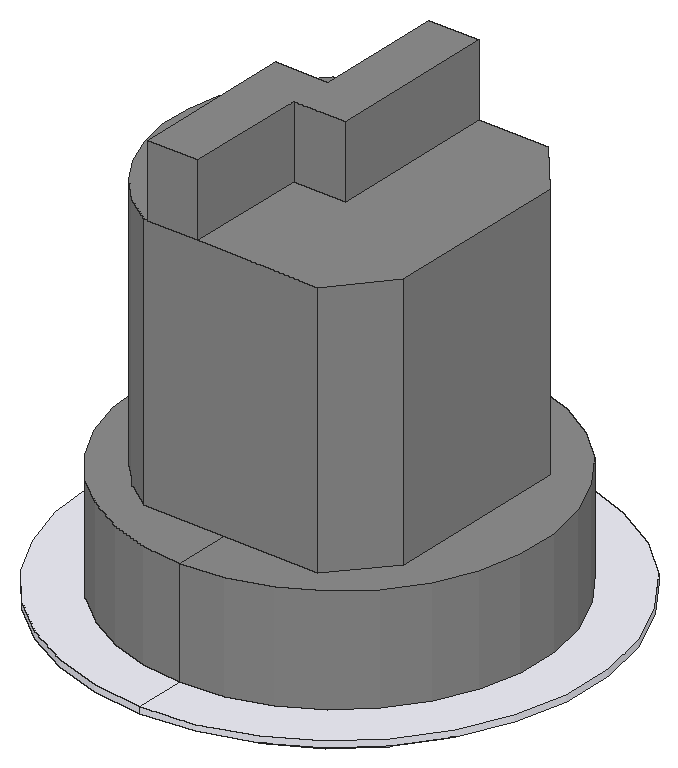
Revit family "PD3 FP types Sans hôte", category Dispositifs d'éclairage, Revit 2019
Family settings
  Conserver l'orientation des annotations = Non
  Cote de connecteur circulaire = Utiliser le diamètre
  Type d'élément = Normal
  Basée sur le plan de construction = Oui
  Toujours verticalement = Oui
  Couper avec des vides une fois chargée = Non
  Partagée = Non
  Point de calcul de pièce = Non
Parameters (values of type "01- PD3 FP Générique")
  Portée frontale [instance] = Position en hauteur * 2.4  # 600 cm
  Portée de biais [instance] = Position en hauteur * 4  # 1000 cm
  Hauteur de montage max préconisée [instance] = Hauteur de montage max  # 300 cm
  Hauteur de montage max = 300 cm
  Activitée assise [instance] = Position en hauteur * 1.6  # 400 cm
  Zone de detection [instance] = no
  URL = "http://www.luxomat.com"
  Type de Sortie = ""
  Température ambiante = "-25°C at +50°C"
  Référence = ""
  Relais = ""
  Position en hauteur [instance] = 250 cm
  Mode de pose = "Faux Plafond"
  Etiquette [instance] = yes
  Modèle = "PD3 FP"
  Marque = "LUXOMAT"
  Image du type = 360°.jpg
  IP = "20 ou 23"
  Fabricant = "B.E.G."
  Default Elevation = 0 cm
  Consommation = ""
  Commentaires du type = "DET.MOUV.360°/Ø10M FAUX PLAFOND"
  Code d'assemblage = "D5010200"
  Classe = "II"
  Charge LED = ""
  Charge Cos ɸ =1 = ""
  Charge Cos ɸ =0.5 = ""
  Zone assise [instance] = Position en hauteur < 300.1 cm  # yes
  Alimentation = "110-240 V AC"
Types (7, lengths in cm): name | Type de Sortie | Référence | Relais | Modèle | IP | Consommation | Commentaires du type | Charge LED | Charge Cos ɸ =1 | Charge Cos ɸ =0.5
  (no name) | "" | "" | "" | "PD3 FP" | "20 ou 23" | "" | "DET.MOUV.360°/Ø10M FAUX PLAFOND" | "" | "" | ""
  01- PD3 FP Générique | "" | "" | "" | "PD3 FP" | "20 ou 23" | "" | "DET.MOUV.360°/Ø10M FAUX PLAFOND" | "" | "" | ""
  04- PD3N 1C MICRO FP réf 92184 | "TOR + Micro" | "92184" | "10 A" | "PD3N 1C MICRO FP" | "23" | "0,25 W" | "DET.MOUV.1 CONTACT + MICRO.360°/Ø10M FAUX PLAFOND" | "300 W" | "2300 W" | "1150 VA"
  02- PD3N 1C FP réf 92196 | "TOR " | "92196" | "10 A" | "PD3N 1C FP" | "23" | "0,25 W" | "DET.MOUV.1 CONTACT.360°/Ø10M FAUX PLAFOND" | "300 W" | "2300 W" | "1150 VA"
  06- PD3 1C FP réf 92197 | "TOR" | "92197" | "8,7 A" | "PD3 1C FP" | "20 option capot IP 23" | "< 1W" | "DET.MOUV.1 CONTACT.360°/Ø10M FAUX PLAFOND NON TELECOMMANDABLE" | "250 W" | "2000 W" | "1000 VA"
  03- PD3N 1C NO FP réf 92576 | "TOR" | "92576" | "10 A" | "PD3N 1C NO FP" | "23" | "0,25 W" | "DET.MOUV.1 CONTACT SEC NO.360°/Ø10M FAUX PLAFOND" | "300 W" | "2300 W" | "1150 VA"
  05- PD3N 2C FP réf 92198 | "TOR + CVC" | "92198" | "10 A / 3 A" | "PD3N 2C FP" | "23" | "0,30 W" | "DET.MOUV.2 CONTACTS.360°/Ø10M FAUX PLAFOND" | "300 W" | "2300 W" | "1150 VA"
Reference planes (cm)
  plane 1 "Centre (avant/arrière)": y = 0
  plane 2: z = 0
  plane 3 "Centre (gauche/droite)": x = 0
Dimensions and locks (cm)
  aligned and locked: level to plane 2
  aligned and locked: plane 3 "Centre (gauche/droite)" to nested 3
  aligned and locked: plane 1 "Centre (avant/arrière)" to nested 3
  aligned and locked: nested 4 to plane 3 "Centre (gauche/droite)"
  aligned and locked: nested 4 to plane 1 "Centre (avant/arrière)"
Nested families (cm)
  nested 1: "Famille4" at (3.75, -61.4506, 0), visible <- "Etiquette", référence <- "Référence", modèle <- "Modèle", type "Famille4"
    with référence "", modèle "PD3 FP"
  nested 2: "Plafond 360° 2D" at (0, 0, 0), type "Plafond 360° 2D"
  nested 3: "M9" at (0, 0, 0), type "Standard"
  nested 4: "zone G" at (0, 0, 0), activité assise <- "Activitée assise", biais <- "Portée de biais", frontal <- "Portée frontale", visible <- "Zone de detection", Zone assise <- "Zone assise", type "zone G"
    with position 2 240 cm, position 1 400 cm, frontal 600 cm, biais 1000 cm, activité assise 400 cm, Zone assise yes
Connectors (cm)
  electrical at (0, 0, 0)
    settings: index 1, voltage 230 V, apparent load 0 VA, apparent load phase1 0 VA, apparent load phase2 0 VA, apparent load phase3 0 VA, power factor 1, load classification "Eclairage", number of poles 1, system type 31, power factor state 1, is connector primary yes, connector utility no, sub classification motor no, connector description ""
Definition of nested family "M9"
  Parameters (values of type "Standard")
    d98 = 0 cm
    d106 = 0 cm
  Reference planes (cm)
    plane 1 "Centre (avant/arrière)": y = 0
    plane 2: z = 0
    plane 3 "Centre (gauche/droite)": x = 0
    plane 4: x = 0
  Forms (cm)
    Revolve 1, solid, not visible
      sketch origin (0, 0, 0) x (0, -1, 0) y (0, 0, 1)
        loop
          line (0, 0) -> (0, 0.6) -> (-2.2, 0.6)
          arc (-2.2, 0.6) -> (-3.1429, 0.5045) -> (-4, 0.1) r 2.8
          line (-4, 0.1) -> (-4, 0) -> (0, 0)
        axis (0, 0.6) -> (0, 0)
      angle from 0 to 360
    Revolve 2, solid, not visible
      sketch origin (0, 0, 0) x (0, -1, 0) y (0, 0, 1)
        loop
          arc (0, 1.5) -> (-1.1885, 1.2663) -> (-2.2, 0.6) r 3.1389
          line (-2.2, 0.6) -> (0, 0.6) -> (0, 1.5)
        axis (0, 0.6) -> (0, 1.5)
      angle from 0 to 360
    Revolve 3, solid, not visible
      sketch origin (0, 0, 0) x (0, -1, 0) y (0, 0, 1)
        loop
          line (0, -1.7) -> (0, 0) -> (-3.2, 0) -> (-3.2, -1.7) -> (0, -1.7)
        axis (0, 0) -> (0, -1.7)
      angle from 0 to 360
    Extrusion 4, solid, not visible
      sketch origin (0, 3.2, -1.7) x (0, 1, 0) y (1, 0, 0)
        loop
          line (-5.5, 1.5) -> (-5.5, -1.3)
          arc (-5.5, -1.3) -> (-3.2, -2.6338) -> (-0.9, -1.3) r 2.65
          line (-0.9, -1.3) -> (-0.9, 1.5) -> (-1.7342, 2.2) -> (-4.6658, 2.2) -> (-5.5, 1.5)
      from 0 to 4.1
    Extrusion 5, solid, not visible
      sketch origin (1.5, -2.3, -5.8) x (-0.766044, 0.642788, 0) y (0.642788, 0.766044, 0)
        loop
          line (2.0775, 0.7666) -> (2.7167, 0.2303) -> (1.4809, -1.2426) -> (2.0937, -1.7568) -> (3.739, 0.204) -> (3.0998, 0.7404) -> (4.4113, 2.3034) -> (3.7985, 2.8176) -> (2.0775, 0.7666)
      from 0 to 1.15
    Revolve 6, solid
      sketch origin (0, 0, 0) x (0, 1, 0) y (0, 0, -1)
        loop
          line (0, 0) -> (4, 0) -> (4, 0.1)
          arc (4, 0.1) -> (3.1429, 0.5045) -> (2.2, 0.6) r 2.8
          line (2.2, 0.6) -> (0, 0.6) -> (0, 0)
        axis (0, 0.6) -> (0, 0)
      angle from 0 to 360
    Revolve 7, solid
      sketch origin (0, 0, 0) x (0, 1, 0) y (0, 0, -1)
        loop
          line (0, 1.5) -> (0, 0.6) -> (2.2, 0.6)
          arc (2.2, 0.6) -> (1.1885, 1.2663) -> (0, 1.5) r 3.1389
        axis (0, 0.6) -> (0, 1.5)
      angle from 0 to 360
    Revolve 8, solid
      sketch origin (0, 0, 0) x (0, 1, 0) y (0, 0, -1)
        loop
          line (0, -1.7) -> (3.2, -1.7) -> (3.2, 0) -> (0, 0) -> (0, -1.7)
        axis (0, 0) -> (0, -1.7)
      angle from 0 to 360
    Extrusion 9, solid
      sketch origin (0, -3.2, 1.7) x (-1, 0, 0) y (0, -1, 0)
        loop
          line (-1.5, -0.9) -> (-2.2, -1.7342) -> (-2.2, -4.6658) -> (-1.5, -5.5) -> (1.3, -5.5)
          arc (1.3, -5.5) -> (2.6338, -3.2) -> (1.3, -0.9) r 2.65
          line (1.3, -0.9) -> (-1.5, -0.9)
      from 0 to 4.1
    Extrusion 10, solid
      sketch origin (1.5, 2.3, 5.8) x (-0.642788, 0.766044, 0) y (-0.766044, -0.642788, 0)
        loop
          line (-1.3447, 2.5626) -> (0.7062, 0.8416) -> (1.2205, 1.4545) -> (-0.3425, 2.766) -> (0.1938, 3.4052) -> (-1.767, 5.0505) -> (-2.2812, 4.4377) -> (-0.8084, 3.2018) -> (-1.3447, 2.5626)
      from 0 to 1.15
  Dimensions and locks (cm)
    aligned and locked: level to plane 2
Definition of nested family "Famille4"
  Parameters (values of type "Famille4")
    référence [instance] = ""
    modèle [instance] = ""
  Reference planes (cm)
    plane 1: y = 0
    plane 2: x = 0
  Text (cm)
    label "référence\nmodèle" at (-0.0547, 0.0091, 0), shows "référence", "modèle"
Definition of nested family "Plafond 360° 2D"
  Reference planes (cm)
    plane 1: y = 0
    plane 2: x = 0
  Lines and regions (cm)
    Filled region 1, type "rouge"
      outline origin (0, 0, 0) x (1, 0, 0) y (0, 1, 0)
        loop
          circle (0, 0) r 0.0294
    detail lines
      curve 1: arc (-0.1732, 0.1, 0) -> (-0.2, 0, 0) -> (-0.1732, -0.1, 0) r 0.2
      curve 2: arc (-0.1, -0.1732, 0) -> (0, -0.2, 0) -> (0.1, -0.1732, 0) r 0.2
      curve 3: arc (0.1732, -0.1, 0) -> (0.2, 0, 0) -> (0.1732, 0.1, 0) r 0.2
      curve 4: arc (0.1, 0.1732, 0) -> (0, 0.2, 0) -> (-0.1, 0.1732, 0) r 0.2
      curve 5: arc (-0.1375, 0.0794, 0) -> (-0.1588, 0, 0) -> (-0.1375, -0.0794, 0) r 0.1588
      curve 6: arc (-0.0794, -0.1375, 0) -> (0, -0.1588, 0) -> (0.0794, -0.1375, 0) r 0.1588
      curve 7: arc (0.1375, -0.0794, 0) -> (0.1588, 0, 0) -> (0.1375, 0.0794, 0) r 0.1588
      curve 8: arc (0.0794, 0.1375, 0) -> (0, 0.1588, 0) -> (-0.0794, 0.1375, 0) r 0.1588
      curve 9: arc (-0.1019, 0.0588, 0) -> (-0.1176, 0, 0) -> (-0.1019, -0.0588, 0) r 0.1176
      curve 10: arc (-0.0588, -0.1019, 0) -> (0, -0.1176, 0) -> (0.0588, -0.1019, 0) r 0.1176
      curve 11: arc (0.1019, -0.0588, 0) -> (0.1176, 0, 0) -> (0.1019, 0.0588, 0) r 0.1176
      curve 12: arc (0.0588, 0.1019, 0) -> (0, 0.1176, 0) -> (-0.0588, 0.1019, 0) r 0.1176
      curve 13: arc (-0.0294, 0, 0) -> (0, -0.0294, 0) -> (0.0294, 0, 0) r 0.0294
      curve 14: arc (0.0294, 0, 0) -> (0, 0.0294, 0) -> (-0.0294, 0, 0) r 0.0294
Definition of nested family "zone G"
  Parameters (values of type "zone G")
    position 2 [instance] = (frontal / 2) * 0.8  # 240 cm
    position 1 [instance] = ((biais / 2) + (frontal / 2)) / 2  # 400 cm
    frontal [instance] = 600 cm
    biais [instance] = 1000 cm
    activité assise [instance] = 400 cm
    Zone assise [instance] = yes
  Reference planes (cm)
    plane 1 "Centre (avant/arrière)": y = 0
    plane 2: z = 0
    plane 3 "Centre (gauche/droite)": x = 0
    plane 4: x = -400
    plane 5: y = -240
  Lines and regions (cm)
    detail lines, in view "Niveau de réf.", visible <- "Zone assise"
      curve 1: circle (0, 0, 0) r 200 normal (0, 0, 1)
      curve 16: spline (-100.1609, 35.3835, 0) -> (-99.2494, 35.2529, 0) -> (-98.3931, 34.8281, 0) -> (-97.6502, 34.138, 0) -> (-97.0714, 33.2297, 0) -> (-96.6961, 32.165, 0) -> (-96.55, 31.0166, 0) -> (-96.643, 29.8626, 0) -> (-96.9687, 28.7818, 0) -> (-97.5049, 27.8477, 0) -> (-98.2152, 27.1241, 0) -> (-99.051, 26.6602, 0) -> (-99.9555, 26.4877, 0) -> (-100.867, 26.6183, 0) -> (-101.7234, 27.0431, 0) -> (-102.4663, 27.7332, 0) -> (-103.0451, 28.6415, 0) -> (-103.4203, 29.7062, 0) -> (-103.5664, 30.8546, 0) -> (-103.4735, 32.0085, 0) -> (-103.1478, 33.0894, 0) -> (-102.6115, 34.0234, 0) -> (-101.9013, 34.7471, 0) -> (-101.0654, 35.211, 0) -> (-100.1609, 35.3835, 0)
      curve 17: line (-100, 26, 0) -> (-100, 0, 0)
      curve 18: line (-100, 0, 0) -> (-83, 0, 0)
      curve 19: line (-83, 0, 0) -> (-83, -21, 0)
      curve 20: line (-100, 22.2972, 0) -> (-87.1203, 15.4489, 0)
      curve 21: line (-110.5298, 20.3537, 0) -> (-105.6439, -2.6328, 0)
      curve 22: line (-105.6439, -2.6328, 0) -> (-85.0082, -2.6328, 0)
      curve 23: line (-90.8164, -2.6328, 0) -> (-90.8164, -21, 0)
      curve 24: line (-102.3261, -2.6328, 0) -> (-102.3261, -21, 0)
      curve 34: line (-90.8164, 8.5, 0) -> (-64.3164, 8.5, 0)
      curve 35: line (-75.5, -21, 0) -> (-75.5, 8.5, 0)
      curve 36: line (-69, -21, 0) -> (-69, 8.5, 0)
    detail lines, in view "Niveau de réf."
      curve 2: circle (0, 0, 0) r 300 normal (0, 0, 1)
      curve 3: circle (0, 0, 0) r 500 normal (0, 0, 1)
      curve 4: line (-400, -41.4725, 0) -> (-400, 41.4725, 0)
      curve 5: line (-400, 41.4725, 0) -> (-422.1638, 13.1041, 0)
      curve 6: line (-400, 41.4725, 0) -> (-377.8362, 13.1041, 0)
      curve 10: line (0, -294.5767, 0) -> (0, -211.6316, 0)
      curve 11: line (0, -211.6316, 0) -> (-22.1638, -240, 0)
      curve 12: line (0, -211.6316, 0) -> (22.1638, -240, 0)
    detail lines, in view "Niveau de réf.", not visible
      curve 7: line (628.0656, -64.277, 0) -> (628.0656, 18.6681, 0)
      curve 8: line (628.0656, 18.6681, 0) -> (605.9018, -9.7003, 0)
      curve 9: line (628.0656, 18.6681, 0) -> (650.2294, -9.7003, 0)
      curve 13: line (628.0656, -64.277, 0) -> (628.0656, 18.6681, 0)
      curve 14: line (628.0656, 18.6681, 0) -> (605.9018, -9.7003, 0)
      curve 15: line (628.0656, 18.6681, 0) -> (650.2294, -9.7003, 0)
    detail lines, in view "Niveau de réf.", visible <- "Zone assise", not visible
      curve 25: spline (932.3619, 15.8637, 0) -> (933.2734, 15.7331, 0) -> (934.1297, 15.3083, 0) -> (934.8726, 14.6182, 0) -> (935.4514, 13.7099, 0) -> (935.8267, 12.6452, 0) -> (935.9728, 11.4968, 0) -> (935.8798, 10.3428, 0) -> (935.5541, 9.262, 0) -> (935.0179, 8.3279, 0) -> (934.3076, 7.6043, 0) -> (933.4718, 7.1404, 0) -> (932.5673, 6.9679, 0) -> (931.6558, 7.0985, 0) -> (930.7994, 7.5233, 0) -> (930.0565, 8.2134, 0) -> (929.4777, 9.1217, 0) -> (929.1025, 10.1864, 0) -> (928.9564, 11.3348, 0) -> (929.0493, 12.4888, 0) -> (929.375, 13.5696, 0) -> (929.9113, 14.5037, 0) -> (930.6215, 15.2273, 0) -> (931.4574, 15.6912, 0) -> (932.3619, 15.8637, 0)
      curve 26: line (932.5228, 6.4802, 0) -> (932.5228, -19.5198, 0)
      curve 27: line (932.5228, -19.5198, 0) -> (949.5228, -19.5198, 0)
      curve 28: line (949.5228, -19.5198, 0) -> (949.5228, -40.5198, 0)
      curve 29: line (932.5228, 2.7774, 0) -> (945.4025, -4.0709, 0)
      curve 30: line (921.993, 0.8339, 0) -> (926.8789, -22.1526, 0)
      curve 31: line (926.8789, -22.1526, 0) -> (947.5146, -22.1526, 0)
      curve 32: line (941.7064, -22.1526, 0) -> (941.7064, -40.5198, 0)
      curve 33: line (930.1967, -22.1526, 0) -> (930.1967, -40.5198, 0)
      curve 37: line (941.7064, -11.0198, 0) -> (968.2064, -11.0198, 0)
      curve 38: line (957.0228, -40.5198, 0) -> (957.0228, -11.0198, 0)
      curve 39: line (963.5228, -40.5198, 0) -> (963.5228, -11.0198, 0)
  Dimensions and locks (cm)
    "position 1": plane 4 to plane 3 "Centre (gauche/droite)"
    "position 2": plane 5 to plane 1 "Centre (avant/arrière)"
    "activité assise": diameter of curve 1
    "biais": diameter of curve 3
    "frontal": diameter of curve 2
    aligned and locked: plane 4 to curve 4
    aligned and locked: plane 1 "Centre (avant/arrière)" to curve 18
    aligned and locked: curve 10 to plane 3 "Centre (gauche/droite)"
    aligned and locked: plane 5 to curve 12
  Automatic sketch dimensions
    curve 5 to curve 5 = 22.1638 cm
    curve 4 to curve 6 = 22.1638 cm
    curve 6 to curve 5 = 28.3684 cm
    curve 5 to curve 5 = 28.3684 cm
    curve 4 to curve 5 = 54.5767 cm
    curve 8 to curve 8 = 22.1638 cm
    curve 7 to curve 9 = 22.1638 cm
    curve 9 to curve 8 = 28.3684 cm
    curve 8 to curve 8 = 28.3684 cm
    curve 7 to curve 8 = 54.5767 cm
    curve 11 to curve 11 = 22.1638 cm
    curve 10 to curve 12 = 22.1638 cm
    curve 12 to curve 11 = 28.3684 cm
    curve 11 to curve 11 = 28.3684 cm
    curve 10 to curve 11 = 54.5767 cm
    curve 14 to curve 14 = 22.1638 cm
    curve 13 to curve 15 = 22.1638 cm
    curve 15 to curve 14 = 28.3684 cm
    curve 14 to curve 14 = 28.3684 cm
    curve 13 to curve 14 = 54.5767 cm
    curve 21 to curve 17 = 5.6439 cm
    curve 17 to curve 19 = 17 cm
    curve 22 to curve 19 = 2.6328 cm
    curve 21 to curve 20 = 10.5298 cm
    curve 21 to curve 24 = 3.3178 cm
    curve 16 to curve 17 = 0.1609 cm
    curve 16 to curve 16 = 0.1027 cm
    curve 23 to curve 18 = 7.8164 cm
    curve 34 to curve 23 = 0 cm
    curve 34 to curve 20 = 3.6961 cm
    curve 22 to curve 18 = 2.0082 cm
    curve 19 to curve 35 = 7.5 cm
    curve 35 to curve 36 = 6.5 cm
    curve 36 to curve 34 = 4.6836 cm
    curve 35 to curve 22 = 18.3672 cm
    curve 23 to curve 35 = 0 cm
    curve 19 to curve 35 = 0 cm
    curve 35 to curve 36 = 0 cm
    curve 24 to curve 23 = 0 cm
    curve 18 to curve 36 = 8.5 cm
    curve 34 to curve 20 = 6.9489 cm
    curve 17 to curve 21 = 20.3537 cm
    curve 21 to curve 20 = 1.9435 cm
    curve 20 to curve 17 = 3.7028 cm
    curve 17 to curve 16 = 4.9356 cm
    curve 30 to curve 26 = 5.6439 cm
    curve 26 to curve 28 = 17 cm
    curve 31 to curve 28 = 2.6328 cm
    curve 30 to curve 29 = 10.5298 cm
    curve 30 to curve 33 = 3.3178 cm
    curve 25 to curve 26 = 0.1609 cm
    curve 25 to curve 25 = 0.1027 cm
    curve 32 to curve 27 = 7.8164 cm
    curve 37 to curve 32 = 0 cm
    curve 37 to curve 29 = 3.6961 cm
    curve 31 to curve 27 = 2.0082 cm
    curve 28 to curve 38 = 7.5 cm
    curve 38 to curve 39 = 6.5 cm
    curve 39 to curve 37 = 4.6836 cm
    curve 38 to curve 31 = 18.3672 cm
    curve 32 to curve 38 = 0 cm
    curve 28 to curve 38 = 0 cm
    curve 38 to curve 39 = 0 cm
    curve 33 to curve 32 = 0 cm
    curve 27 to curve 39 = 8.5 cm
    curve 37 to curve 29 = 6.9489 cm
    curve 26 to curve 30 = 20.3537 cm
    curve 30 to curve 29 = 1.9435 cm
    curve 29 to curve 26 = 3.7028 cm
    curve 26 to curve 25 = 4.9356 cm
    curve 1 to curve 2 = 0 cm  (x2)
    curve 1 to curve 3 = 0 cm  (x2)
    curve 2 to curve 3 = 0 cm  (x2)
    plane 1 "Centre (avant/arrière)" to curve 2 = 0 cm
    curve 2 to plane 3 "Centre (gauche/droite)" = 0 cm
